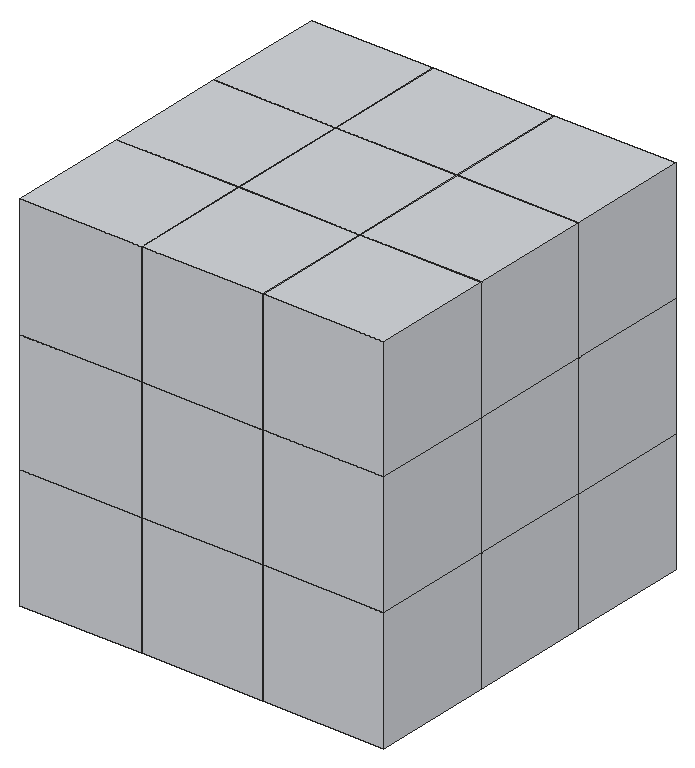
Revit family
Parameters
  profondità cubetto = 100 mm
  mezza altezza totale = 150 mm
  lunghezza cubetto = 100 mm
  lungh cubetto 3 = 100 mm
  larghezza cubetto = 100 mm
  largh cubetto2 = 100 mm
  colore nucleo = none
Reference planes
  plane 1 "Centro (Fronte/Retro)": y = 0
  plane 2: z = 0
  plane 3 "Centro (Sinistra/Destra)": x = 0
  plane 4: y = 50
  plane 5: x = 50
  plane 6: y = -50
  plane 7: x = -50
  plane 8: z = 50
  plane 9: z = -50
  plane 10: x = 150
  plane 11: y = -150
  plane 12: x = -150
  plane 13: y = 150
  plane 14: z = -150
Forms (mm)
  Extrusion 1, solid, material <- "colore nucleo"
    sketch origin (0, 0, 0) x (1, 0, 0) y (0, 1, 0)
      loop
        line (-50, 50) -> (-50, -50) -> (50, -50) -> (50, 50) -> (-50, 50)
    from -50 to 50
  Extrusion 2, solid
    sketch origin (0, 0, 0) x (1, 0, 0) y (0, 1, 0)
      loop
        line (50, 50) -> (50, -50) -> (150, -50) -> (150, 50) -> (50, 50)
    from -50 to 50
  Extrusion 3, solid
    sketch origin (0, 0, 0) x (1, 0, 0) y (0, 1, 0)
      loop
        line (-50, -50) -> (-50, -150) -> (50, -150) -> (50, -50) -> (-50, -50)
    from -50 to 50
  Extrusion 4, solid
    sketch origin (0, 0, 0) x (1, 0, 0) y (0, 1, 0)
      loop
        line (50, -50) -> (50, -150) -> (150, -150) -> (150, -50) -> (50, -50)
    from -50 to 50
  Extrusion 5, solid
    sketch origin (0, 0, 0) x (1, 0, 0) y (0, 1, 0)
      loop
        line (-150, 50) -> (-150, -50) -> (-50, -50) -> (-50, 50) -> (-150, 50)
    from -50 to 50
  Extrusion 6, solid
    sketch origin (0, 0, 0) x (1, 0, 0) y (0, 1, 0)
      loop
        line (-150, -50) -> (-150, -150) -> (-50, -150) -> (-50, -50) -> (-150, -50)
    from -50 to 50
  Extrusion 7, solid
    sketch origin (0, 0, 0) x (1, 0, 0) y (0, 1, 0)
      loop
        line (-150, 150) -> (-150, 50) -> (-50, 50) -> (-50, 150) -> (-150, 150)
    from -50 to 50
  Extrusion 8, solid
    sketch origin (0, 0, 0) x (1, 0, 0) y (0, 1, 0)
      loop
        line (-50, 150) -> (-50, 50) -> (50, 50) -> (50, 150) -> (-50, 150)
    from -50 to 50
  Extrusion 9, solid
    sketch origin (0, 0, 0) x (1, 0, 0) y (0, 1, 0)
      loop
        line (50, 150) -> (50, 50) -> (150, 50) -> (150, 150) -> (50, 150)
    from -50 to 50
  Extrusion 10, solid
    sketch origin (0, 0, 0) x (1, 0, 0) y (0, 1, 0)
      loop
        line (-150, 150) -> (-150, 50) -> (-50, 50) -> (-50, 150) -> (-150, 150)
    from 50 to 150
  Extrusion 11, solid
    sketch origin (0, 0, 0) x (1, 0, 0) y (0, 1, 0)
      loop
        line (-50, 150) -> (-50, 50) -> (50, 50) -> (50, 150) -> (-50, 150)
    from 50 to 150
  Extrusion 12, solid
    sketch origin (0, 0, 0) x (1, 0, 0) y (0, 1, 0)
      loop
        line (50, 150) -> (50, 50) -> (150, 50) -> (150, 150) -> (50, 150)
    from 50 to 150
  Extrusion 13, solid
    sketch origin (0, 0, 0) x (1, 0, 0) y (0, 1, 0)
      loop
        line (-150, 50) -> (-150, -50) -> (-50, -50) -> (-50, 50) -> (-150, 50)
      loop
        line (50, -50) -> (50, -150) -> (150, -150) -> (150, -50) -> (50, -50)
    from 50 to 150
  Extrusion 14, solid
    sketch origin (0, 0, 0) x (1, 0, 0) y (0, 1, 0)
      loop
        line (-50, 50) -> (-50, -50) -> (50, -50) -> (50, 50) -> (-50, 50)
    from 50 to 150
  Extrusion 15, solid
    sketch origin (0, 0, 0) x (1, 0, 0) y (0, 1, 0)
      loop
        line (-150, -50) -> (-150, -150) -> (-50, -150) -> (-50, -50) -> (-150, -50)
    from 50 to 150
  Extrusion 16, solid
    sketch origin (0, 0, 0) x (1, 0, 0) y (0, 1, 0)
      loop
        line (-50, -50) -> (-50, -150) -> (50, -150) -> (50, -50) -> (-50, -50)
    from 50 to 150
  Extrusion 17, solid
    sketch origin (0, 0, 0) x (1, 0, 0) y (0, 1, 0)
      loop
        line (50, 50) -> (50, -50) -> (150, -50) -> (150, 50) -> (50, 50)
    from 50 to 150
  Extrusion 18, solid
    sketch origin (0, 0, 0) x (1, 0, 0) y (0, 1, 0)
      loop
        line (-150, -50) -> (-150, -150) -> (-50, -150) -> (-50, -50) -> (-150, -50)
      loop
        line (50, -50) -> (50, -150) -> (150, -150) -> (150, -50) -> (50, -50)
    from -50 to -150
  Extrusion 19, solid
    sketch origin (0, 0, 0) x (1, 0, 0) y (0, 1, 0)
      loop
        line (-50, -50) -> (-50, -150) -> (50, -150) -> (50, -50) -> (-50, -50)
    from -150 to -50
  Extrusion 20, solid
    sketch origin (0, 0, 0) x (1, 0, 0) y (0, 1, 0)
      loop
        line (-150, 50) -> (-150, -50) -> (-50, -50) -> (-50, 50) -> (-150, 50)
      loop
        line (50, 50) -> (50, -50) -> (150, -50) -> (150, 50) -> (50, 50)
    from -150 to -50
  Extrusion 21, solid
    sketch origin (0, 0, 0) x (1, 0, 0) y (0, 1, 0)
      loop
        line (-50, 50) -> (-50, -50) -> (50, -50) -> (50, 50) -> (-50, 50)
    from -150 to -50
  Extrusion 22, solid
    sketch origin (0, 0, 0) x (1, 0, 0) y (0, 1, 0)
      loop
        line (-150, 150) -> (-150, 50) -> (-50, 50) -> (-50, 150) -> (-150, 150)
      loop
        line (50, 150) -> (50, 50) -> (150, 50) -> (150, 150) -> (50, 150)
    from -150 to -50
  Extrusion 23, solid
    sketch origin (0, 0, 0) x (1, 0, 0) y (0, 1, 0)
      loop
        line (-50, 150) -> (-50, 50) -> (50, 50) -> (50, 150) -> (-50, 150)
    from -150 to -50
Dimensions and locks
  equal spacing: plane 4, plane 1 "Centro (Fronte/Retro)", plane 6
  equal spacing: plane 7, plane 3 "Centro (Sinistra/Destra)", plane 5
  "lunghezza cubetto": plane 7 to plane 5
  "larghezza cubetto": plane 4 to plane 6
  equal spacing: plane 8, level, plane 9
  "profondità cubetto": plane 8 to plane 9
  "largh cubetto2": plane 6 to plane 11
  "lungh cubetto 3": plane 5 to plane 10
  "lungh cubetto 3": plane 12 to plane 7
  "largh cubetto2": plane 13 to plane 4
  "mezza altezza totale": level to plane 14
  aligned and locked: Extrusion 1 sketch curve to plane 4
  aligned and locked: Extrusion 1 sketch curve to plane 5
  aligned and locked: plane 7 to Extrusion 1 sketch curve
  aligned and locked: plane 6 to Extrusion 1 sketch curve
  aligned and locked: plane 8 to Extrusion 1
  aligned and locked: Extrusion 1 to plane 9
  aligned and locked: Extrusion 2 sketch curve to plane 4
  aligned and locked: Extrusion 2 sketch curve to plane 10
  aligned and locked: plane 6 to Extrusion 2 sketch curve
  aligned and locked: plane 5 to Extrusion 2 sketch curve
  aligned and locked: Extrusion 3 sketch curve to plane 6
  aligned and locked: plane 7 to Extrusion 3 sketch curve
  aligned and locked: plane 11 to Extrusion 3 sketch curve
  aligned and locked: Extrusion 3 sketch curve to plane 5
  aligned and locked: Extrusion 3 to plane 9
  aligned and locked: plane 8 to Extrusion 3
  aligned and locked: Extrusion 4 sketch curve to plane 6
  aligned and locked: Extrusion 4 sketch curve to plane 10
  aligned and locked: plane 11 to Extrusion 4 sketch curve
  aligned and locked: plane 5 to Extrusion 4 sketch curve
  aligned and locked: Extrusion 4 to plane 9
  aligned and locked: plane 8 to Extrusion 4
  aligned and locked: Extrusion 5 sketch curve to plane 4
  aligned and locked: plane 6 to Extrusion 5 sketch curve
  aligned and locked: plane 12 to Extrusion 5 sketch curve
  aligned and locked: Extrusion 5 sketch curve to plane 7
  aligned and locked: Extrusion 5 to plane 9
  aligned and locked: plane 8 to Extrusion 5
  aligned and locked: Extrusion 6 sketch curve to plane 6
  aligned and locked: plane 11 to Extrusion 6 sketch curve
  aligned and locked: plane 12 to Extrusion 6 sketch curve
  aligned and locked: Extrusion 6 sketch curve to plane 7
  aligned and locked: Extrusion 6 to plane 9
  aligned and locked: plane 8 to Extrusion 6
  aligned and locked: Extrusion 7 sketch curve to plane 13
  aligned and locked: plane 12 to Extrusion 7 sketch curve
  aligned and locked: plane 4 to Extrusion 7 sketch curve
  aligned and locked: Extrusion 7 sketch curve to plane 7
  aligned and locked: Extrusion 7 to plane 9
  aligned and locked: plane 8 to Extrusion 7
  aligned and locked: Extrusion 8 sketch curve to plane 13
  aligned and locked: Extrusion 8 sketch curve to plane 5
  aligned and locked: plane 4 to Extrusion 8 sketch curve
  aligned and locked: plane 7 to Extrusion 8 sketch curve
  aligned and locked: Extrusion 8 to plane 9
  aligned and locked: plane 8 to Extrusion 8
  aligned and locked: Extrusion 9 sketch curve to plane 13
  aligned and locked: plane 5 to Extrusion 9 sketch curve
  aligned and locked: plane 4 to Extrusion 9 sketch curve
  aligned and locked: Extrusion 9 sketch curve to plane 10
  aligned and locked: Extrusion 9 to plane 9
  aligned and locked: plane 8 to Extrusion 9
  aligned and locked: Extrusion 10 sketch curve to plane 13
  aligned and locked: plane 12 to Extrusion 10 sketch curve
  aligned and locked: plane 4 to Extrusion 10 sketch curve
  aligned and locked: Extrusion 10 sketch curve to plane 7
  aligned and locked: Extrusion 10 to plane 8
  aligned and locked: Extrusion 11 sketch curve to plane 13
  aligned and locked: plane 7 to Extrusion 11 sketch curve
  aligned and locked: Extrusion 11 sketch curve to plane 5
  aligned and locked: plane 4 to Extrusion 11 sketch curve
  aligned and locked: Extrusion 11 to plane 8
  aligned and locked: Extrusion 12 sketch curve to plane 13
  aligned and locked: plane 5 to Extrusion 12 sketch curve
  aligned and locked: plane 4 to Extrusion 12 sketch curve
  aligned and locked: Extrusion 12 sketch curve to plane 10
  aligned and locked: Extrusion 13 sketch curve to plane 4
  aligned and locked: plane 12 to Extrusion 13 sketch curve
  aligned and locked: Extrusion 13 sketch curve to plane 7
  aligned and locked: plane 6 to Extrusion 13 sketch curve
  aligned and locked: plane 11 to Extrusion 13 sketch curve
  aligned and locked: Extrusion 13 sketch curve to plane 10
  aligned and locked: Extrusion 13 sketch curve to plane 6
  aligned and locked: plane 5 to Extrusion 13 sketch curve
  aligned and locked: Extrusion 14 sketch curve to plane 4
  aligned and locked: Extrusion 14 sketch curve to plane 5
  aligned and locked: plane 7 to Extrusion 14 sketch curve
  aligned and locked: plane 6 to Extrusion 14 sketch curve
  aligned and locked: Extrusion 15 sketch curve to plane 6
  aligned and locked: plane 12 to Extrusion 15 sketch curve
  aligned and locked: plane 11 to Extrusion 15 sketch curve
  aligned and locked: Extrusion 15 sketch curve to plane 7
  aligned and locked: Extrusion 16 sketch curve to plane 6
  aligned and locked: plane 11 to Extrusion 16 sketch curve
  aligned and locked: Extrusion 16 sketch curve to plane 5
  aligned and locked: plane 7 to Extrusion 16 sketch curve
  aligned and locked: Extrusion 17 sketch curve to plane 4
  aligned and locked: Extrusion 17 sketch curve to plane 10
  aligned and locked: plane 5 to Extrusion 17 sketch curve
  aligned and locked: plane 6 to Extrusion 17 sketch curve
  aligned and locked: plane 11 to Extrusion 18 sketch curve  (x2)
  aligned and locked: Extrusion 18 sketch curve to plane 10
  aligned and locked: Extrusion 18 sketch curve to plane 7
  aligned and locked: plane 12 to Extrusion 18 sketch curve
  aligned and locked: plane 5 to Extrusion 18 sketch curve
  aligned and locked: Extrusion 18 sketch curve to plane 6  (x2)
  aligned and locked: Extrusion 19 sketch curve to plane 6
  aligned and locked: plane 11 to Extrusion 19 sketch curve
  aligned and locked: Extrusion 19 sketch curve to plane 5
  aligned and locked: plane 7 to Extrusion 19 sketch curve
  aligned and locked: Extrusion 20 sketch curve to plane 4  (x2)
  aligned and locked: plane 6 to Extrusion 20 sketch curve  (x2)
  aligned and locked: plane 12 to Extrusion 20 sketch curve
  aligned and locked: Extrusion 20 sketch curve to plane 7
  aligned and locked: Extrusion 20 sketch curve to plane 10
  aligned and locked: plane 5 to Extrusion 20 sketch curve
  aligned and locked: Extrusion 21 sketch curve to plane 4
  aligned and locked: plane 6 to Extrusion 21 sketch curve
  aligned and locked: Extrusion 21 sketch curve to plane 5
  aligned and locked: plane 7 to Extrusion 21 sketch curve
  aligned and locked: Extrusion 22 sketch curve to plane 13  (x2)
  aligned and locked: Extrusion 22 sketch curve to plane 10
  aligned and locked: plane 4 to Extrusion 22 sketch curve  (x2)
  aligned and locked: plane 5 to Extrusion 22 sketch curve
  aligned and locked: Extrusion 22 sketch curve to plane 7
  aligned and locked: plane 12 to Extrusion 22 sketch curve
  aligned and locked: Extrusion 23 sketch curve to plane 13
  aligned and locked: plane 7 to Extrusion 23 sketch curve
  aligned and locked: plane 4 to Extrusion 23 sketch curve
  aligned and locked: Extrusion 23 sketch curve to plane 5
  aligned: Extrusion 22 to Extrusion 23
